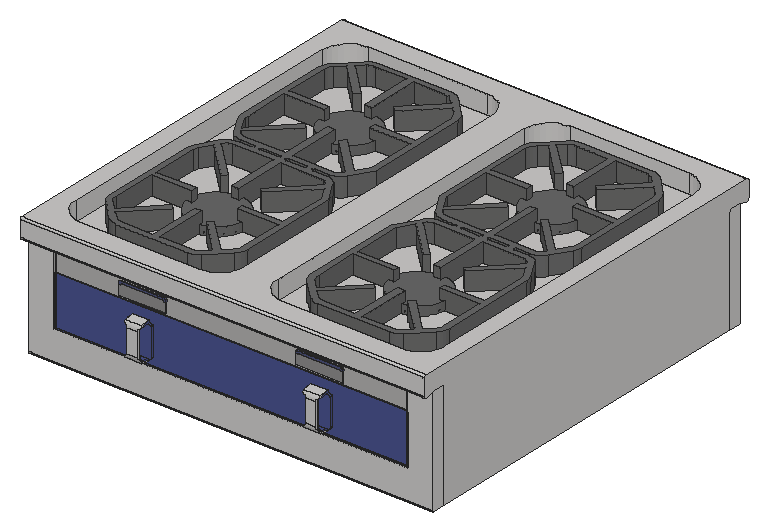
Revit family "QF_ELECTROLUXPROFESSIONAL_588041_MAGGACHOPO", category Specialty Equipment, Revit 2018 (continued)
Definition of nested family "EG_800_500_Single Range Control Handle Back Panel"
  Definition of nested family "glass conrol panel"
    Forms (mm)
      Extrusion 4, solid
        sketch origin (-108.309, 1.101, -0.633) x (-1, 0, 0) y (0, 0, -1)
          loop
            line (-261.431, -812.62) -> (-355.186, -812.62) -> (-355.186, -834.177) -> (-350.269, -834.177) -> (-348.469, -835.977) -> (-268.039, -835.977) -> (-266.24, -834.177) -> (-261.431, -834.177) -> (-261.431, -812.62)
        from 304.798 to 306.745
      Extrusion 5, solid
        sketch origin (-108.309, 1.101, -0.633) x (-1, 0, 0) y (0, 0, -1)
          loop
            line (-350.269, -834.177) -> (-355.078, -834.177)
            arc (-355.078, -834.177) -> (-353.942, -838.747) -> (-349.686, -840.763) r 5.5
            line (-349.686, -840.763) -> (-266.98, -840.763)
            arc (-266.98, -840.763) -> (-262.706, -838.752) -> (-261.529, -834.177) r 5.549
            line (-261.529, -834.177) -> (-266.24, -834.177) -> (-268.039, -835.977) -> (-348.469, -835.977) -> (-350.269, -834.177)
        from 304.798 to 306.745
      Extrusion 6, solid
        sketch origin (108.309, 1.101, -0.633) x (1, 0, 0) y (0, 0, 1)
          loop
            line (-261.431, 812.62) -> (-261.431, 834.177) -> (-266.24, 834.177) -> (-268.039, 835.977) -> (-348.469, 835.977) -> (-350.269, 834.177) -> (-355.186, 834.177) -> (-355.186, 812.62) -> (-261.431, 812.62)
        from 304.798 to 306.745
      Extrusion 7, solid
        sketch origin (108.309, 1.101, -0.633) x (1, 0, 0) y (0, 0, 1)
          loop
            line (-350.269, 834.177) -> (-348.469, 835.977) -> (-268.039, 835.977) -> (-266.24, 834.177) -> (-261.529, 834.177)
            arc (-261.529, 834.177) -> (-262.706, 838.752) -> (-266.98, 840.763) r 5.549
            line (-266.98, 840.763) -> (-349.686, 840.763)
            arc (-349.686, 840.763) -> (-353.942, 838.747) -> (-355.078, 834.177) r 5.5
            line (-355.078, 834.177) -> (-350.269, 834.177)
        from 304.798 to 306.745
    Cuts and joins
      Extrusion 3 cuts Extrusion 1
      Extrusion 3 cuts Extrusion 2
    Dimensions and locks
      aligned and locked: Extrusion 1 to Extrusion 2
      aligned and locked: Extrusion 5 sketch curve to Extrusion 4  (x5)
      aligned and locked: Extrusion 5 to Extrusion 4
      aligned and locked: Extrusion 7 sketch curve to Extrusion 6  (x4)
      aligned and locked: Extrusion 6 to Extrusion 7 sketch curve
      aligned and locked: Extrusion 7 to Extrusion 6
